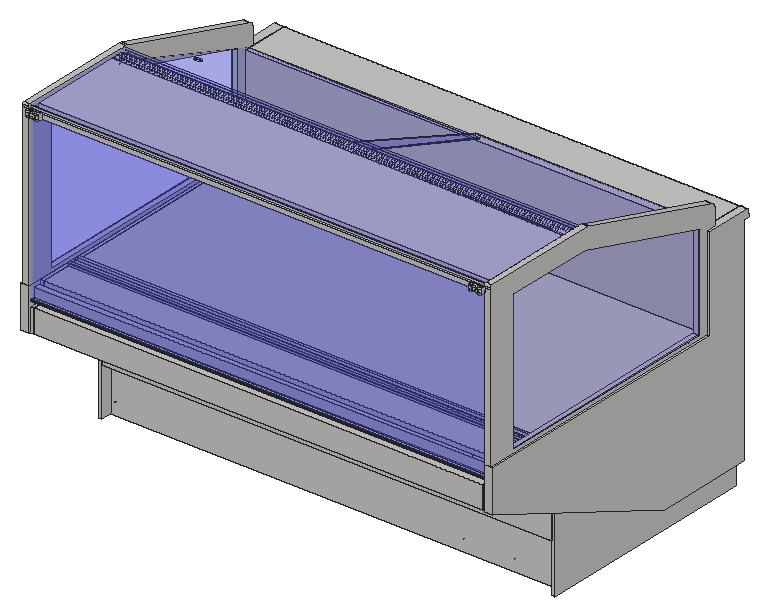
Revit family "QF_OSCARTEK_LA_CROSSE_DP1650_cat", category Specialty Equipment, Revit 2026 (continued)
Automatic sketch dimensions
  Extrusion 5 sketch curve to Extrusion 5 sketch curve = 0.05794"
  Extrusion 5 sketch curve to Extrusion 5 sketch curve = 0.1969"
  plane 13 to Extrusion 5 sketch curve = 0.57669"
  plane 13 to Extrusion 5 sketch curve = 0.82697"
  plane 13 to Extrusion 5 sketch curve = 1.18305"
  Extrusion 5 sketch curve to Extrusion 5 sketch curve = 1.46032"
  Extrusion 5 sketch curve to plane 6 "TOP" = 6.55012"
  Extrusion 5 sketch curve to Extrusion 5 sketch curve = 1.1501"
  Extrusion 5 sketch curve to Extrusion 5 sketch curve = 2.10591"
  plane 19 to Extrusion 5 sketch curve = 7.42204"
  Extrusion 5 sketch curve to Extrusion 5 sketch curve = 0.48497"
  Extrusion 5 sketch curve to Extrusion 5 sketch curve = 0.25381"
  Extrusion 5 sketch curve to Extrusion 5 sketch curve = 0"
  Extrusion 6 sketch curve to plane 1 "BACK" = 0"
  Extrusion 6 sketch curve to plane 5 "FRONT" = 0"
  plane 1 "BACK" to Extrusion 6 sketch curve = 1/32"
  plane 1 "BACK" to Extrusion 6 sketch curve = 0.03949"
  Extrusion 6 sketch curve to Extrusion 6 sketch curve = 0.7481"
  plane 13 to Extrusion 6 sketch curve = 0.57669"
  level to Extrusion 6 sketch curve = 3.62384"
  Extrusion 6 sketch curve to plane 13 = 7.48782"
  plane 19 to Extrusion 6 sketch curve = 0.98042"
  plane 19 to Extrusion 6 sketch curve = 6.93707"
  Extrusion 6 sketch curve to plane 6 "TOP" = 10.93079"
  Extrusion 6 sketch curve to Extrusion 6 sketch curve = 1.04753"
  Extrusion 7 sketch curve to plane 5 "FRONT" = 0"
  Extrusion 7 sketch curve to Extrusion 7 sketch curve = 0.03544"
  Extrusion 7 sketch curve to Extrusion 7 sketch curve = 0.18705"
  Extrusion 7 sketch curve to plane 5 "FRONT" = 0.20674"
  Extrusion 7 sketch curve to plane 6 "TOP" = 0.46417"
  Extrusion 7 sketch curve to Extrusion 7 sketch curve = 0.78321"
  Extrusion 7 sketch curve to Extrusion 7 sketch curve = 0.00044"  (x2)
  Extrusion 7 sketch curve to Extrusion 7 sketch curve = 0.00438"
  Extrusion 7 sketch curve to plane 5 "FRONT" = 0.99433"
  Extrusion 7 sketch curve to Extrusion 7 sketch curve = 0.0315"
  Extrusion 7 sketch curve to Extrusion 7 sketch curve = 0.09845"  (x3)
  Extrusion 7 sketch curve to Extrusion 7 sketch curve = 0.39379"
  Extrusion 7 sketch curve to Extrusion 7 sketch curve = 0.54299"
  Extrusion 7 sketch curve to Extrusion 7 sketch curve = 0"  (x2)
  plane 19 to Extrusion 7 sketch curve = 6.46434"
  Extrusion 7 sketch curve to Extrusion 7 sketch curve = 1.31921"
  Extrusion 7 sketch curve to Extrusion 7 sketch curve = 0.10918"
  Extrusion 7 sketch curve to Extrusion 7 sketch curve = 0.00832"
  Extrusion 8 sketch curve to plane 5 "FRONT" = 0.18705"
  Extrusion 8 sketch curve to Extrusion 8 sketch curve = 0.23628"  (x2)
  Extrusion 8 sketch curve to Extrusion 8 sketch curve = 0.31504"
  plane 19 to Extrusion 8 sketch curve = 5.06637"
  Extrusion 8 sketch curve to Extrusion 8 sketch curve = 0"  (x2)
  Extrusion 8 sketch curve to plane 6 "TOP" = 0.45585"
  Extrusion 9 sketch curve to Extrusion 5 = 0"  (x4)
  Extrusion 5 to Extrusion 9 sketch curve = 0.13896"
  Extrusion 10 sketch curve to plane 6 "TOP" = 0"
  Extrusion 10 sketch curve to plane 5 "FRONT" = 0.12798"
  plane 12 to Extrusion 10 sketch curve = 5.59419"
  Extrusion 10 sketch curve to plane 6 "TOP" = 0.35741"
  Extrusion 11 sketch curve to plane 5 "FRONT" = 1.58502"
  Extrusion 11 sketch curve to Extrusion 11 sketch curve = 1.02387"
  Extrusion 11 sketch curve to Extrusion 11 sketch curve = 1.18138"
  Extrusion 11 sketch curve to plane 6 "TOP" = 2.32638"
  plane 12 to Extrusion 11 sketch curve = 8.52577"
  Extrusion 11 sketch curve to plane 6 "TOP" = 0.35741"
  Extrusion 11 sketch curve to Extrusion 11 sketch curve = 0.68695"  (x2)
  Extrusion 11 sketch curve to Extrusion 11 sketch curve = 0.41348"
  Extrusion 11 sketch curve to Extrusion 11 sketch curve = 0.63007"
  Extrusion 12 sketch curve to plane 6 "TOP" = 1.63943"
  plane 12 to Extrusion 12 sketch curve = 7.83883"
  Extrusion 12 sketch curve to Extrusion 12 sketch curve = 0.07876"  (x2)
  Extrusion 12 sketch curve to Extrusion 12 sketch curve = 0.00984"  (x2)
  Extrusion 12 sketch curve to Extrusion 12 sketch curve = 0.01969"  (x2)
  Extrusion 12 sketch curve to Extrusion 12 sketch curve = 0.0511"
  Extrusion 12 sketch curve to Extrusion 12 sketch curve = 0.00446"  (x2)
  Extrusion 12 sketch curve to Extrusion 12 sketch curve = 0.01226"  (x2)
  Extrusion 12 sketch curve to Extrusion 12 sketch curve = 0.10829"
  Extrusion 12 sketch curve to Extrusion 12 sketch curve = 0.1076"  (x2)
  Extrusion 12 sketch curve to Extrusion 12 sketch curve = 0.03913"  (x2)
  Extrusion 12 sketch curve to Extrusion 12 sketch curve = 0.27566"
  Extrusion 12 sketch curve to Extrusion 12 sketch curve = 0.09845"
  Extrusion 12 sketch curve to Extrusion 12 sketch curve = 0.05128"
  Extrusion 12 sketch curve to Extrusion 12 sketch curve = 0.00287"
  Extrusion 12 sketch curve to Extrusion 12 sketch curve = 0.07673"
  Extrusion 12 sketch curve to Extrusion 12 sketch curve = 0.01475"
  Extrusion 12 sketch curve to Extrusion 12 sketch curve = 0.01717"
  Extrusion 12 sketch curve to Extrusion 12 sketch curve = 0.00155"
  Extrusion 12 sketch curve to Extrusion 12 sketch curve = 0.04065"
  Extrusion 12 sketch curve to Extrusion 12 sketch curve = 0.14769"
  Extrusion 12 sketch curve to Extrusion 12 sketch curve = 0"  (x9)
  Extrusion 12 sketch curve to Extrusion 12 sketch curve = 0.00116"
  Extrusion 12 sketch curve to Extrusion 12 sketch curve = 0.08744"
  Extrusion 12 sketch curve to Extrusion 12 sketch curve = 0.09601"
  Extrusion 12 sketch curve to Extrusion 12 sketch curve = 0.01228"
  Extrusion 12 sketch curve to Extrusion 12 sketch curve = 0.07875"
  Extrusion 12 sketch curve to Extrusion 12 sketch curve = 0.01971"
  Extrusion 12 sketch curve to Extrusion 12 sketch curve = 0.03938"
  Extrusion 12 sketch curve to Extrusion 12 sketch curve = 0.1083"  (x2)
  Extrusion 12 sketch curve to Extrusion 12 sketch curve = 0.00051"  (x2)
  Extrusion 12 sketch curve to Extrusion 12 sketch curve = 0.22323"
  Extrusion 12 sketch curve to Extrusion 12 sketch curve = 0.14442"  (x2)
  Extrusion 12 sketch curve to Extrusion 12 sketch curve = 0.06225"
  Extrusion 12 sketch curve to Extrusion 12 sketch curve = 0.55837"
  Extrusion 12 sketch curve to Extrusion 12 sketch curve = 0.03137"
  Extrusion 12 sketch curve to Extrusion 12 sketch curve = 0.02767"  (x2)
  Extrusion 12 sketch curve to Extrusion 12 sketch curve = 0.00184"  (x2)
  Extrusion 12 sketch curve to Extrusion 12 sketch curve = 0.14191"
  Extrusion 12 sketch curve to Extrusion 12 sketch curve = 0.08288"
  Extrusion 12 sketch curve to Extrusion 12 sketch curve = 0.03733"
  Extrusion 12 sketch curve to Extrusion 12 sketch curve = 0.05907"
  Extrusion 12 sketch curve to Extrusion 12 sketch curve = 0.02174"
  Extrusion 12 sketch curve to Extrusion 12 sketch curve = 0.06317"
  Extrusion 12 sketch curve to Extrusion 12 sketch curve = 0.21779"
  Extrusion 12 sketch curve to Extrusion 12 sketch curve = 0.00292"
  Extrusion 12 sketch curve to Extrusion 12 sketch curve = 0.0886"
  Extrusion 12 sketch curve to Extrusion 12 sketch curve = 0.02067"
  Extrusion 12 sketch curve to Extrusion 12 sketch curve = 0.08762"
  Extrusion 12 sketch curve to Extrusion 12 sketch curve = 0.08942"
  Extrusion 12 sketch curve to Extrusion 12 sketch curve = 0.02201"
  Extrusion 12 sketch curve to Extrusion 12 sketch curve = 0.14767"
  Extrusion 12 sketch curve to Extrusion 12 sketch curve = 0.15831"
  Extrusion 12 sketch curve to Extrusion 12 sketch curve = 0.03912"
  Extrusion 12 sketch curve to Extrusion 12 sketch curve = 0.04914"
  Extrusion 12 sketch curve to Extrusion 12 sketch curve = 0.07872"
  Extrusion 12 sketch curve to Extrusion 12 sketch curve = 0.59085"
  Extrusion 12 sketch curve to Extrusion 12 sketch curve = 0.39859"
  Extrusion 12 sketch curve to Extrusion 12 sketch curve = 0.00005"
  Extrusion 12 sketch curve to Extrusion 12 sketch curve = 0.01974"
  Extrusion 12 sketch curve to Extrusion 12 sketch curve = 0.15642"
  Extrusion 12 sketch curve to Extrusion 12 sketch curve = 0.03936"
  Extrusion 12 sketch curve to Extrusion 12 sketch curve = 0.0394"
  Extrusion 12 sketch curve to Extrusion 12 sketch curve = 0.0366"  (x2)
  Extrusion 13 sketch curve to Extrusion 13 sketch curve = 0"  (x12)
  Extrusion 13 sketch curve to plane 6 "TOP" = 1.56084"
  plane 12 to Extrusion 13 sketch curve = 6.86593"
  Extrusion 13 sketch curve to Extrusion 13 sketch curve = 0.17351"  (x2)
  Extrusion 13 sketch curve to Extrusion 13 sketch curve = 0.00564"  (x2)
  Extrusion 13 sketch curve to Extrusion 13 sketch curve = 0.0919"  (x2)
  Extrusion 13 sketch curve to Extrusion 13 sketch curve = 0.03344"
  Extrusion 13 sketch curve to plane 6 "TOP" = 1.31398"
  Extrusion 13 sketch curve to Extrusion 13 sketch curve = 0.04703"  (x2)
  Extrusion 13 sketch curve to plane 6 "TOP" = 1.25845"
  Extrusion 13 sketch curve to Extrusion 13 sketch curve = 0.02015"  (x2)
  Extrusion 13 sketch curve to Extrusion 13 sketch curve = 0.1471"  (x2)
  Extrusion 13 sketch curve to plane 6 "TOP" = 1.37225"
  Extrusion 13 sketch curve to Extrusion 13 sketch curve = 0.01344"  (x4)
  Extrusion 13 sketch curve to plane 6 "TOP" = 1.67394"
  Extrusion 13 sketch curve to Extrusion 13 sketch curve = 0.06602"  (x2)
  Extrusion 13 sketch curve to Extrusion 13 sketch curve = 0.01899"  (x2)
  Extrusion 13 sketch curve to plane 6 "TOP" = 1.59393"
  Extrusion 13 sketch curve to Extrusion 13 sketch curve = 0.04287"
  Extrusion 13 sketch curve to plane 6 "TOP" = 0.64926"
  Extrusion 13 sketch curve to plane 6 "TOP" = 19/32"
  Extrusion 13 sketch curve to plane 6 "TOP" = 1.44587"
  Extrusion 13 sketch curve to Extrusion 13 sketch curve = 0.05374"
  Extrusion 13 sketch curve to Extrusion 13 sketch curve = 0.064"
  Extrusion 13 sketch curve to plane 6 "TOP" = 0.70754"
  Extrusion 13 sketch curve to plane 6 "TOP" = 1.00923"
  Extrusion 13 sketch curve to plane 6 "TOP" = 0.92928"
  Extrusion 13 sketch curve to Extrusion 13 sketch curve = 0.04285"
  Extrusion 13 sketch curve to plane 6 "TOP" = 0.78115"
  Extrusion 13 sketch curve to Extrusion 13 sketch curve = 0.05377"
  Extrusion 13 sketch curve to Extrusion 13 sketch curve = 0.06402"
  Extrusion 13 sketch curve to plane 6 "TOP" = 1.81039"
  Extrusion 13 sketch curve to Extrusion 13 sketch curve = 0.42344"
  Extrusion 13 sketch curve to Extrusion 13 sketch curve = 0.02748"
  Extrusion 13 sketch curve to plane 6 "TOP" = 1.54733"
  Extrusion 13 sketch curve to plane 6 "TOP" = 1.62739"
  Extrusion 13 sketch curve to plane 6 "TOP" = 1.59778"
  Extrusion 13 sketch curve to plane 6 "TOP" = 1.15546"
  Extrusion 13 sketch curve to Extrusion 13 sketch curve = 0.24735"
  Extrusion 13 sketch curve to plane 6 "TOP" = 1.12156"
  Extrusion 13 sketch curve to Extrusion 13 sketch curve = 0.01231"
  Extrusion 13 sketch curve to Extrusion 13 sketch curve = 0.0314"
  Extrusion 13 sketch curve to plane 6 "TOP" = 0.88261"
  Extrusion 13 sketch curve to plane 6 "TOP" = 0.97343"
  Extrusion 13 sketch curve to Extrusion 13 sketch curve = 0.02237"
  Extrusion 13 sketch curve to plane 6 "TOP" = 0.93307"
  Extrusion 13 sketch curve to Extrusion 13 sketch curve = 0.03702"  (x3)
  Extrusion 13 sketch curve to Extrusion 13 sketch curve = 0.00358"
  Extrusion 13 sketch curve to Extrusion 13 sketch curve = 0.03601"  (x2)
  Extrusion 13 sketch curve to Extrusion 13 sketch curve = 0.04678"
  Extrusion 13 sketch curve to Extrusion 13 sketch curve = 0.118"  (x2)
  Extrusion 13 sketch curve to Extrusion 13 sketch curve = 0.03531"  (x2)
  Extrusion 13 sketch curve to Extrusion 13 sketch curve = 0.00352"
  Extrusion 13 sketch curve to Extrusion 13 sketch curve = 0.28287"
  Extrusion 13 sketch curve to Extrusion 13 sketch curve = 0.04685"
  Extrusion 14 sketch curve to plane 6 "TOP" = 0.92928"
  plane 12 to Extrusion 14 sketch curve = 5.9684"
  Extrusion 14 sketch curve to plane 6 "TOP" = 0.78115"
  Extrusion 14 sketch curve to Extrusion 14 sketch curve = 0.05377"
  plane 13 to Extrusion 14 sketch curve = 1.67783"
  Extrusion 14 sketch curve to Extrusion 14 sketch curve = 0.05686"
  Extrusion 14 sketch curve to plane 6 "TOP" = 9.66154"
  Extrusion 14 sketch curve to Extrusion 14 sketch curve = 0.14694"
  Extrusion 15 sketch curve to plane 6 "TOP" = 1.59393"
  plane 12 to Extrusion 15 sketch curve = 6.27287"
  Extrusion 15 sketch curve to plane 6 "TOP" = 1.44587"
  Extrusion 15 sketch curve to Extrusion 15 sketch curve = 0.05374"  (x2)
  plane 13 to Extrusion 15 sketch curve = 1.09037"
  Extrusion 15 sketch curve to plane 6 "TOP" = 9.66041"
  Extrusion 15 sketch curve to Extrusion 15 sketch curve = 0.14807"
  Revolve 16 sketch curve to level = 0"
  level to Revolve 16 sketch curve = 0.11814"
  Revolve 16 sketch curve to plane 8 "Center X" = 8.41244"
  level to Revolve 16 sketch curve = 0.22609"
  Revolve 16 sketch curve to Revolve 16 sketch curve = 0.04798"
  Revolve 16 sketch curve to Revolve 16 sketch curve = 0.33473"
  Revolve 16 sketch curve to Revolve 16 sketch curve = 0.09845"
  Revolve 16 sketch curve to Revolve 16 sketch curve = 0.03938"  (x3)
  Revolve 16 sketch curve to Revolve 16 sketch curve = 0.07876"
  level to Revolve 16 sketch curve = 1.91337"
  level to Revolve 16 sketch curve = 1.9685"
  Revolve 16 sketch curve to Revolve 16 sketch curve = 0.0386"
  Revolve 16 sketch curve to Revolve 16 sketch curve = 0.37411"
  Revolve 16 sketch curve to Revolve 16 sketch curve = 0.1677"
  Revolve 16 sketch curve to Revolve 16 sketch curve = 0.64582"
  Revolve 16 sketch curve to Revolve 16 sketch curve = 0.11026"
  Revolve 16 sketch curve to Revolve 16 sketch curve = 0.08213"
  Revolve 16 sketch curve to Revolve 16 sketch curve = 0.03156"
  Revolve 16 sketch curve to Revolve 16 sketch curve = 0"  (x3)
  Revolve 16 sketch curve to level = 0.9832"
  Revolve 16 sketch curve to Revolve 16 sketch curve = 0.22609"
  Revolve 17 sketch curve to level = 0"
  level to Revolve 17 sketch curve = 0.11814"
  Revolve 17 sketch curve to plane 18 = 1.79373"
  level to Revolve 17 sketch curve = 0.22609"
  Revolve 17 sketch curve to Revolve 17 sketch curve = 0.04798"
  Revolve 17 sketch curve to Revolve 17 sketch curve = 0.33473"
  Revolve 17 sketch curve to Revolve 17 sketch curve = 0.09845"
  Revolve 17 sketch curve to Revolve 17 sketch curve = 0.03938"  (x3)
  Revolve 17 sketch curve to Revolve 17 sketch curve = 0.07876"
  Revolve 17 sketch curve to Revolve 17 sketch curve = 0.0386"
  Revolve 17 sketch curve to Revolve 17 sketch curve = 0.37411"
  Revolve 17 sketch curve to Revolve 17 sketch curve = 0.1677"
  Revolve 17 sketch curve to Revolve 17 sketch curve = 0.87375"
  Revolve 17 sketch curve to Revolve 17 sketch curve = 0.11026"
  Revolve 17 sketch curve to Revolve 17 sketch curve = 0.08213"
  Revolve 17 sketch curve to Revolve 17 sketch curve = 53/128"
  Revolve 17 sketch curve to Revolve 17 sketch curve = 0.05513"
  Revolve 17 sketch curve to Revolve 17 sketch curve = 0.03156"
  Revolve 17 sketch curve to Revolve 17 sketch curve = 0"  (x2)
  Revolve 17 sketch curve to plane 18 = 0.81909"
  Revolve 17 sketch curve to level = 0.9832"
  Revolve 17 sketch curve to Revolve 17 sketch curve = 0.22609"
  Revolve 18 sketch curve to level = 0"
  level to Revolve 18 sketch curve = 0.11814"
  Revolve 18 sketch curve to plane 8 "Center X" = 8.41244"
  level to Revolve 18 sketch curve = 0.22609"
  Revolve 18 sketch curve to Revolve 18 sketch curve = 0.04798"
  Revolve 18 sketch curve to Revolve 18 sketch curve = 0.33473"
  Revolve 18 sketch curve to Revolve 18 sketch curve = 0.09845"
  Revolve 18 sketch curve to Revolve 18 sketch curve = 0.03938"  (x3)
  Revolve 18 sketch curve to Revolve 18 sketch curve = 0.07876"
  level to Revolve 18 sketch curve = 1.91337"
  level to Revolve 18 sketch curve = 1.9685"
  Revolve 18 sketch curve to Revolve 18 sketch curve = 0.0386"
  Revolve 18 sketch curve to Revolve 18 sketch curve = 0.37411"
  Revolve 18 sketch curve to Revolve 18 sketch curve = 53/128"
  Revolve 18 sketch curve to Revolve 18 sketch curve = 0.08213"
  Revolve 18 sketch curve to Revolve 18 sketch curve = 0.11026"
  Revolve 18 sketch curve to Revolve 18 sketch curve = 0.1677"
  Revolve 18 sketch curve to Revolve 18 sketch curve = 0.03156"
  Revolve 18 sketch curve to Revolve 18 sketch curve = 0"  (x2)
  Revolve 18 sketch curve to Revolve 18 sketch curve = 0.04106"
  Revolve 18 sketch curve to Revolve 18 sketch curve = 0.22609"
  Revolve 18 sketch curve to level = 0.9832"
  Revolve 19 sketch curve to level = 0"
  level to Revolve 19 sketch curve = 0.11814"
  Revolve 19 sketch curve to plane 18 = 1.79373"
  level to Revolve 19 sketch curve = 0.22609"
  Revolve 19 sketch curve to Revolve 19 sketch curve = 0.04798"
  Revolve 19 sketch curve to Revolve 19 sketch curve = 0.33473"
  Revolve 19 sketch curve to Revolve 19 sketch curve = 0.09845"
  Revolve 19 sketch curve to Revolve 19 sketch curve = 0.03938"  (x3)
  Revolve 19 sketch curve to Revolve 19 sketch curve = 0.07876"
  Revolve 19 sketch curve to Revolve 19 sketch curve = 0.0386"
  Revolve 19 sketch curve to Revolve 19 sketch curve = 0.37411"
  Revolve 19 sketch curve to Revolve 19 sketch curve = 0.1677"
  Revolve 19 sketch curve to Revolve 19 sketch curve = 0.87375"
  Revolve 19 sketch curve to Revolve 19 sketch curve = 0.11026"
  Revolve 19 sketch curve to Revolve 19 sketch curve = 0.08213"
  Revolve 19 sketch curve to Revolve 19 sketch curve = 53/128"
  Revolve 19 sketch curve to Revolve 19 sketch curve = 0.05513"
  Revolve 19 sketch curve to Revolve 19 sketch curve = 0.03156"
  Revolve 19 sketch curve to Revolve 19 sketch curve = 0"  (x2)
  Revolve 19 sketch curve to plane 18 = 0.81909"
  Revolve 19 sketch curve to Revolve 19 sketch curve = 0.22609"
  Revolve 19 sketch curve to level = 0.9832"
  Extrusion 20 sketch curve to plane 18 = 0"
  Extrusion 20 sketch curve to plane 18 = 0.0315"
  Extrusion 20 sketch curve to plane 18 = 0.04015"
  Extrusion 20 sketch curve to plane 18 = 0.14964"
  Extrusion 20 sketch curve to Extrusion 20 sketch curve = 0.23551"
  level to Extrusion 20 sketch curve = 1.41655"
  Extrusion 20 sketch curve to Extrusion 20 sketch curve = 0.55195"
  Extrusion 20 sketch curve to Extrusion 20 sketch curve = 3.54275"
  Extrusion 21 sketch curve to plane 18 = 0"
  Extrusion 21 sketch curve to plane 18 = 0.04015"
  Extrusion 21 sketch curve to plane 18 = 0.27566"
  Extrusion 21 sketch curve to plane 19 = 0.28146"
  Extrusion 21 sketch curve to Extrusion 21 sketch curve = 0.03874"
  level to Extrusion 21 sketch curve = 5.70968"
  Extrusion 22 sketch curve to plane 18 = 0"
  Extrusion 22 sketch curve to plane 18 = 0.04015"
  Extrusion 22 sketch curve to plane 18 = 0.27566"
  Extrusion 22 sketch curve to plane 19 = 0.28146"
  Extrusion 22 sketch curve to Extrusion 22 sketch curve = 0.03879"
  level to Extrusion 22 sketch curve = 5.70968"
  Extrusion 31 sketch curve to Extrusion 31 sketch curve = 0"  (x2)
  Extrusion 31 sketch curve to plane 5 "FRONT" = 0"
  plane 5 "FRONT" to Extrusion 31 sketch curve = 0.26581"
  Extrusion 31 sketch curve to Extrusion 31 sketch curve = 0.15451"
  Extrusion 31 sketch curve to Extrusion 31 sketch curve = 0.23957"
  Extrusion 31 sketch curve to Extrusion 31 sketch curve = 0.16053"
  Extrusion 31 sketch curve to plane 6 "TOP" = 1 11/128"
  Extrusion 31 sketch curve to Extrusion 31 sketch curve = 0.33802"
  Extrusion 31 sketch curve to Extrusion 31 sketch curve = 0.20029"
  Extrusion 31 sketch curve to plane 6 "TOP" = 0.25896"
  Extrusion 32 sketch curve to Extrusion 32 sketch curve = 0"  (x2)
  Extrusion 32 sketch curve to plane 5 "FRONT" = 0"
  plane 5 "FRONT" to Extrusion 32 sketch curve = 0.26581"
  Extrusion 32 sketch curve to Extrusion 32 sketch curve = 0.15451"
  Extrusion 32 sketch curve to Extrusion 32 sketch curve = 0.23957"
  Extrusion 32 sketch curve to Extrusion 32 sketch curve = 0.16053"
  Extrusion 32 sketch curve to plane 6 "TOP" = 1 11/128"
  Extrusion 32 sketch curve to Extrusion 32 sketch curve = 0.33802"
  Extrusion 32 sketch curve to Extrusion 32 sketch curve = 0.20029"
  Extrusion 32 sketch curve to plane 6 "TOP" = 0.25896"
  Extrusion 33 sketch curve to Extrusion 33 sketch curve = 0"  (x2)
  Extrusion 33 sketch curve to plane 5 "FRONT" = 0"
  plane 5 "FRONT" to Extrusion 33 sketch curve = 0.26581"
  Extrusion 33 sketch curve to Extrusion 33 sketch curve = 0.15451"
  Extrusion 33 sketch curve to Extrusion 33 sketch curve = 0.23957"
  Extrusion 33 sketch curve to Extrusion 33 sketch curve = 0.16053"
  Extrusion 33 sketch curve to plane 6 "TOP" = 0.25896"
  Extrusion 33 sketch curve to Extrusion 33 sketch curve = 0.2132"
  Extrusion 33 sketch curve to Extrusion 33 sketch curve = 0.20029"
  Extrusion 33 sketch curve to Extrusion 33 sketch curve = 0.33802"
  Extrusion 34 sketch curve to plane 5 "FRONT" = 6.36874"
  Extrusion 34 sketch curve to Extrusion 34 sketch curve = 0.05907"  (x3)
  Extrusion 34 sketch curve to Extrusion 34 sketch curve = 0.45286"  (x2)
  Extrusion 34 sketch curve to Extrusion 34 sketch curve = 0.45099"
  Extrusion 34 sketch curve to Extrusion 34 sketch curve = 0.44909"
  Extrusion 34 sketch curve to Extrusion 34 sketch curve = 0.2072"
  plane 19 to Extrusion 34 sketch curve = 6.93707"
  Extrusion 34 sketch curve to Extrusion 34 sketch curve = 0"  (x3)
  Extrusion 34 sketch curve to Extrusion 34 sketch curve = 0.27655"  (x3)
  Extrusion 34 sketch curve to Extrusion 34 sketch curve = 0.35888"
  plane 5 "FRONT" to Extrusion 35 sketch curve = 14.80044"
  Extrusion 35 sketch curve to plane 6 "TOP" = 0.45585"
  plane 5 "FRONT" to Extrusion 35 sketch curve = 1.04131"
  Extrusion 35 sketch curve to Extrusion 35 sketch curve = 0.37898"
  Extrusion 35 sketch curve to plane 5 "FRONT" = 0.18705"
  Extrusion 35 sketch curve to Extrusion 35 sketch curve = 0.10453"
  plane 19 to Extrusion 35 sketch curve = 5.09939"
  Extrusion 36 sketch curve to Extrusion 6 = 0"  (x3)
  Extrusion 6 to Extrusion 36 sketch curve = 0"  (x2)
  Extrusion 6 to Extrusion 36 sketch curve = 3.62384"
  Extrusion 36 sketch curve to Extrusion 6 = 12.46551"
  Extrusion 36 sketch curve to Extrusion 6 = 2.04143"
  Extrusion 36 sketch curve to Extrusion 36 sketch curve = 0.55396"
  Extrusion 36 sketch curve to Extrusion 6 = 0.20674"
  Extrusion 36 sketch curve to Extrusion 6 = 7.79361"
  Extrusion 36 sketch curve to Extrusion 36 sketch curve = 0.85654"
  Extrusion 36 sketch curve to Extrusion 6 = 2.74957"
  Extrusion 36 sketch curve to Extrusion 36 sketch curve = 0.95949"
  Extrusion 37 sketch curve to plane 19 = 0"
  Extrusion 37 sketch curve to plane 1 "BACK" = 0"
  Extrusion 37 sketch curve to Extrusion 37 sketch curve = 1/32"
  Extrusion 37 sketch curve to Extrusion 37 sketch curve = 0.03949"
  Extrusion 37 sketch curve to Extrusion 37 sketch curve = 0.7481"
  plane 13 to Extrusion 37 sketch curve = 0.57669"
  Extrusion 37 sketch curve to plane 19 = 0.85654"
  Extrusion 37 sketch curve to plane 6 "TOP" = 10.93079"
  Extrusion 37 sketch curve to Extrusion 37 sketch curve = 1.04753"
  plane 10 to Extrusion 38 sketch curve = 0"
  Extrusion 38 sketch curve to plane 5 "FRONT" = 0"  (x2)
  Extrusion 38 sketch curve to plane 5 "FRONT" = 0.2286"
  Extrusion 38 sketch curve to plane 5 "FRONT" = 3.96748"
  Extrusion 38 sketch curve to plane 6 "TOP" = 2.67686"
  plane 12 to Extrusion 38 sketch curve = 5.73025"
  Extrusion 38 sketch curve to Extrusion 38 sketch curve = 0.31139"
  Extrusion 38 sketch curve to plane 10 = 0.05605"
  Extrusion 38 sketch curve to Extrusion 38 sketch curve = 0.37249"
  Extrusion 38 sketch curve to plane 13 = 0.98536"
  Extrusion 38 sketch curve to Extrusion 38 sketch curve = 0.05794"
  Extrusion 38 sketch curve to Extrusion 38 sketch curve = 0.1969"
  plane 13 to Extrusion 38 sketch curve = 0.57669"
  plane 13 to Extrusion 38 sketch curve = 0.82697"
  plane 13 to Extrusion 38 sketch curve = 1.18305"
  Extrusion 38 sketch curve to Extrusion 38 sketch curve = 1.46032"
  Extrusion 38 sketch curve to plane 6 "TOP" = 6.55012"
  Extrusion 38 sketch curve to Extrusion 38 sketch curve = 1.1501"
  Extrusion 38 sketch curve to Extrusion 38 sketch curve = 2.10591"
  plane 19 to Extrusion 38 sketch curve = 7.42204"
  Extrusion 38 sketch curve to Extrusion 38 sketch curve = 0.48497"
  Extrusion 38 sketch curve to Extrusion 38 sketch curve = 0.25381"
  Extrusion 38 sketch curve to Extrusion 38 sketch curve = 0"
  Extrusion 39 sketch curve to plane 1 "BACK" = 0"
  Extrusion 39 sketch curve to plane 5 "FRONT" = 0"
  plane 1 "BACK" to Extrusion 39 sketch curve = 1/32"
  plane 1 "BACK" to Extrusion 39 sketch curve = 0.03949"
  Extrusion 39 sketch curve to Extrusion 39 sketch curve = 0.7481"
  plane 13 to Extrusion 39 sketch curve = 0.57669"
  level to Extrusion 39 sketch curve = 3.62384"
  Extrusion 39 sketch curve to plane 13 = 7.48782"
  plane 19 to Extrusion 39 sketch curve = 0.98042"
  Extrusion 39 sketch curve to Extrusion 39 sketch curve = 5.95666"
  Extrusion 39 sketch curve to plane 6 "TOP" = 10.93079"
  Extrusion 39 sketch curve to Extrusion 39 sketch curve = 1.04753"
  Extrusion 40 sketch curve to Extrusion 38 = 0"  (x3)
  Extrusion 38 to Extrusion 40 sketch curve = 0"
  Extrusion 38 to Extrusion 40 sketch curve = 0.13896"
  Extrusion 41 sketch curve to level = 0"
  Extrusion 41 sketch curve to plane 19 = 0"
  plane 1 "BACK" to Extrusion 41 sketch curve = 0.78759"
  plane 13 to Extrusion 41 sketch curve = 0.57669"
  plane 12 to Extrusion 41 sketch curve = 10.18984"
  Extrusion 41 sketch curve to plane 5 "FRONT" = 2.04143"
  Extrusion 41 sketch curve to Extrusion 41 sketch curve = 0.55396"
  Extrusion 41 sketch curve to plane 5 "FRONT" = 0.20674"
  plane 19 to Extrusion 41 sketch curve = 0.89436"
  Extrusion 41 sketch curve to Extrusion 41 sketch curve = 3.29314"
  Extrusion 41 sketch curve to Extrusion 41 sketch curve = 0.95949"
  Extrusion 41 sketch curve to Extrusion 41 sketch curve = 1.79009"
  Extrusion 41 sketch curve to plane 19 = 0.85654"
  Extrusion 41 sketch curve to plane 19 = 4.20848"
  Extrusion 20 to Extrusion 42 sketch curve = 1.98954"
  Extrusion 20 to Extrusion 42 sketch curve = 7.55684"
  Extrusion 43 sketch curve to Extrusion 2 = 4.43802"
  Extrusion 43 sketch curve to Extrusion 2 = 4.83771"  (x2)
  Extrusion 44 sketch curve to Extrusion 2 = 3.81302"
  Extrusion 2 to Extrusion 44 sketch curve = 2.79293"  (x2)
  Revolve 45 sketch curve to level = 0"
  level to Revolve 45 sketch curve = 0.11814"
  Revolve 45 sketch curve to plane 8 "Center X" = 8.41244"
  level to Revolve 45 sketch curve = 0.22609"
  Revolve 45 sketch curve to Revolve 45 sketch curve = 0.04798"
  Revolve 45 sketch curve to Revolve 45 sketch curve = 0.33473"
  Revolve 45 sketch curve to Revolve 45 sketch curve = 0.09845"
  Revolve 45 sketch curve to Revolve 45 sketch curve = 0.03938"  (x3)
  Revolve 45 sketch curve to Revolve 45 sketch curve = 0.07876"
  level to Revolve 45 sketch curve = 1.91337"
  level to Revolve 45 sketch curve = 1.9685"
  Revolve 45 sketch curve to Revolve 45 sketch curve = 0.0386"
  Revolve 45 sketch curve to Revolve 45 sketch curve = 0.37411"
  Revolve 45 sketch curve to Revolve 45 sketch curve = 0.1677"
  Revolve 45 sketch curve to Revolve 45 sketch curve = 0.64582"
  Revolve 45 sketch curve to Revolve 45 sketch curve = 0.11026"
  Revolve 45 sketch curve to Revolve 45 sketch curve = 0.08213"
  Revolve 45 sketch curve to Revolve 45 sketch curve = 0.03156"
  Revolve 45 sketch curve to Revolve 45 sketch curve = 0"  (x3)
  Revolve 45 sketch curve to level = 0.9832"
  Revolve 45 sketch curve to Revolve 45 sketch curve = 0.22609"
  Revolve 46 sketch curve to level = 0"
  level to Revolve 46 sketch curve = 0.11814"
  Revolve 46 sketch curve to plane 18 = 1.79373"
  level to Revolve 46 sketch curve = 0.22609"
  Revolve 46 sketch curve to Revolve 46 sketch curve = 0.04798"
  Revolve 46 sketch curve to Revolve 46 sketch curve = 0.33473"
  Revolve 46 sketch curve to Revolve 46 sketch curve = 0.09845"
  Revolve 46 sketch curve to Revolve 46 sketch curve = 0.03938"  (x3)
  Revolve 46 sketch curve to Revolve 46 sketch curve = 0.07876"
  Revolve 46 sketch curve to Revolve 46 sketch curve = 0.0386"
  Revolve 46 sketch curve to Revolve 46 sketch curve = 0.37411"
  Revolve 46 sketch curve to Revolve 46 sketch curve = 0.1677"
  Revolve 46 sketch curve to Revolve 46 sketch curve = 0.87375"
  Revolve 46 sketch curve to Revolve 46 sketch curve = 0.11026"
  Revolve 46 sketch curve to Revolve 46 sketch curve = 0.08213"
  Revolve 46 sketch curve to Revolve 46 sketch curve = 53/128"
  Revolve 46 sketch curve to Revolve 46 sketch curve = 0.05513"
  Revolve 46 sketch curve to Revolve 46 sketch curve = 0.03156"
  Revolve 46 sketch curve to Revolve 46 sketch curve = 0"  (x2)
  Revolve 46 sketch curve to plane 18 = 0.81909"
  Revolve 46 sketch curve to level = 0.9832"
  Revolve 46 sketch curve to Revolve 46 sketch curve = 0.22609"
  Extrusion 47 sketch curve to Extrusion 15 = 12.03796"  (x2)
  Extrusion 47 sketch curve to Extrusion 15 = 2"
  Extrusion 15 to Extrusion 47 sketch curve = 29.86895"
  plane 15 to curve 44 = 0.09325"
  curve 45 to plane 15 = 0.40665"
  curve 44 to plane 15 = 0.40677"  (x2)
  curve 45 to curve 44 = 0.00024"
  curve 44 to curve 45 = 0.49989"
  plane 8 "Center X" to curve 45 = 4.75875"
  curve 45 to curve 45 = 0.46634"
  curve 46 to plane 14 = 0.90677"
  curve 47 to curve 46 = 0"
  curve 46 to plane 14 = 0.40677"
  plane 8 "Center X" to curve 47 = 4.59433"
  curve 46 to curve 46 = 0.47"
  radius of Extrusion 25 sketch curve = 0.13783"
  radius of Extrusion 26 sketch curve = 0.13783"
  radius of Extrusion 27 sketch curve = 0.13783"
  radius of Extrusion 28 sketch curve = 0.13783"
  radius of Extrusion 29 sketch curve = 0.13783"
  radius of Extrusion 30 sketch curve = 0.13783"
  radius of Extrusion 9 sketch curve to Extrusion 5 = 0"
  radius of Extrusion 31 sketch curve = 0.13783"
  radius of Extrusion 32 sketch curve = 0.13783"
  radius of Extrusion 33 sketch curve = 0.13783"
  radius of Extrusion 40 sketch curve to Extrusion 38 = 0"
  radius of Extrusion 42 sketch curve = 1/4"
  radius of Extrusion 43 sketch curve = 1/2"  (x2)
  radius of Extrusion 44 sketch curve = 3/4"  (x2)
  radius of Extrusion 47 sketch curve = 1/2"  (x2)
Connectors (in)
  piping at (61.8125, -7.1875, 1.17405), diameter 0.375
    settings: on Extrusion 44, index 1, connector inside diameter 24", connector length 0", flow factor 0, pipe flow 0 GPM, pressure drop 0.00 psi, fitting loss kfactor 0, connector angle 0.00°, fixture units 0, engagement length 0", angle of deflection 0.00°, flow configuration 1, flow direction 1, fitting loss method 0, system type 7, joint type 0, gender type 0, connector reference index -1, connector utility 0, adjustable connector no, is connector primary yes, connector description "LIQUID LINE"
  piping at (61.1875, -24.5, 0.79905), diameter 0.25, driven by "Indirect Waste Size"
    settings: on Extrusion 43, index 2, connector inside diameter 24", connector length 0", flow factor 0, pipe flow 0 GPM, pressure drop 0.00 psi, fitting loss kfactor 0, connector angle 0.00°, fixture units 0, engagement length 0", angle of deflection 0.00°, flow configuration 1, flow direction 1, fitting loss method 0, system type 16, joint type 0, gender type 0, connector reference index -1, connector utility 0, adjustable connector no, is connector primary no, connector description "DRAIN"
  piping at (5.5, -7.1875, 1.17405), diameter 0.625
    settings: on Extrusion 44, index 3, connector inside diameter 24", connector length 0", flow factor 0, pipe flow 0 GPM, pressure drop 0.00 psi, fitting loss kfactor 0, connector angle 0.00°, fixture units 0, engagement length 0", angle of deflection 0.00°, flow configuration 1, flow direction 1, fitting loss method 0, system type 7, joint type 0, gender type 0, connector reference index -1, connector utility 0, adjustable connector no, is connector primary no, connector description "SUCTION LINE"
  piping at (6.125, -24.5, 0.79905), diameter 0.25, driven by "Indirect Waste Size"
    settings: on Extrusion 43, index 4, connector inside diameter 24", connector length 0", flow factor 0, pipe flow 0 GPM, pressure drop 0.00 psi, fitting loss kfactor 0, connector angle 0.00°, fixture units 0, engagement length 0", angle of deflection 0.00°, flow configuration 1, flow direction 1, fitting loss method 0, system type 16, joint type 0, gender type 0, connector reference index -1, connector utility 0, adjustable connector no, is connector primary no, connector description "DRAIN"
  electrical at (9.24383, -2.66289, 3.40609), driven by "Volts", driven by "Watts"
    settings: on Extrusion 42, index 5, voltage 120 V, apparent load 650 VA, apparent load phase1 0 VA, apparent load phase2 0 VA, apparent load phase3 0 VA, power factor 1, load classification "Other", number of poles 1, system type 30, power factor state 1, is connector primary yes, connector utility no, sub classification motor no, connector description "ELECTRICAL CONNECTION"
